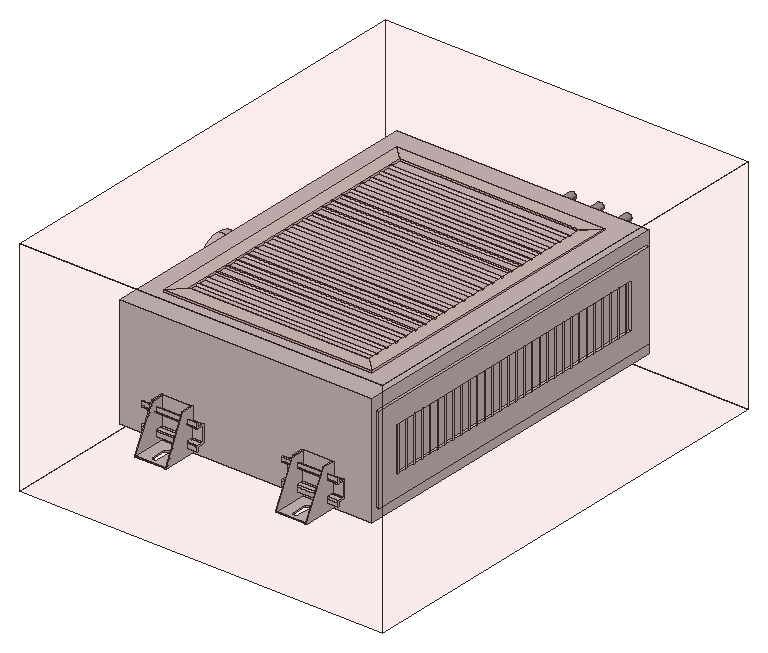
Revit family "York CB-ABB-YK - Horizontal Throw, Bulkhead Mounted Active Chilled Beam,Face Base, Revit 2015 R1.0", category Mechanical Equipment, host Face, Revit 2015 (continued)
Definition of nested family "Grille Plate"
  Forms (in)
    Extrusion 16, solid, material <- "Material", visible <- "Linear Bar Grille"
      sketch origin (0, 3.76103, 0) x (0, 1, 0) y (0, 0, 1)
        loop
          line (3.25, 0.125) -> (3.25, 0) -> (3.5, 0) -> (3.5, 0.125) -> (3.25, 0.125)
      from -6.5 to 6.5
    Extrusion 17, solid, material <- "Material", visible <- "Linear Bar Grille"
      sketch origin (0, 2.02207, 0) x (0, 1, 0) y (0, 0, 1)
        loop
          line (3.25, 0.125) -> (3.25, 0) -> (3.5, 0) -> (3.5, 0.125) -> (3.25, 0.125)
      from -6.5 to 6.5
    Extrusion 18, solid, material <- "Material", visible <- "Linear Bar Grille"
      sketch origin (0, 0.2831, 0) x (0, 1, 0) y (0, 0, 1)
        loop
          line (3.25, 0.125) -> (3.25, 0) -> (3.5, 0) -> (3.5, 0.125) -> (3.25, 0.125)
      from -6.5 to 6.5
    Extrusion 19, solid, material <- "Material", visible <- "Louvered Grille"
      sketch origin (0, 3.46543, -0.375) x (0, 1, 0) y (0, 0, 1)
        loop
          line (-8.875, 0.375) -> (-8.8125, 0.375) -> (-8.6875, 0.5) -> (-8.75, 0.5) -> (-8.875, 0.375)
      from -6.5 to 6.5
    Extrusion 20, solid, material <- "Material", visible <- "Louvered Grille"
      sketch origin (0, 4.33179, -0.375) x (0, 1, 0) y (0, 0, 1)
        loop
          line (-8.875, 0.375) -> (-8.8125, 0.375) -> (-8.6875, 0.5) -> (-8.75, 0.5) -> (-8.875, 0.375)
      from -6.5 to 6.5
    Extrusion 21, solid, material <- "Material", visible <- "Louvered Grille"
      sketch origin (0, 5.19815, -0.375) x (0, 1, 0) y (0, 0, 1)
        loop
          line (-8.875, 0.375) -> (-8.8125, 0.375) -> (-8.6875, 0.5) -> (-8.75, 0.5) -> (-8.875, 0.375)
      from -6.5 to 6.5
    Extrusion 22, solid, material <- "Material", visible <- "Louvered Grille"
      sketch origin (0, 6.06451, -0.375) x (0, 1, 0) y (0, 0, 1)
        loop
          line (-8.875, 0.375) -> (-8.8125, 0.375) -> (-8.6875, 0.5) -> (-8.75, 0.5) -> (-8.875, 0.375)
      from -6.5 to 6.5
    Extrusion 23, solid, material <- "Material", visible <- "Louvered Grille"
      sketch origin (0, 6.93087, -0.375) x (0, 1, 0) y (0, 0, 1)
        loop
          line (-8.875, 0.375) -> (-8.8125, 0.375) -> (-8.6875, 0.5) -> (-8.75, 0.5) -> (-8.875, 0.375)
      from -6.5 to 6.5
    Extrusion 24, solid, material <- "Material", visible <- "Linear Bar Grille"
      sketch origin (0, -1.45587, 0) x (0, 1, 0) y (0, 0, 1)
        loop
          line (3.25, 0.125) -> (3.25, 0) -> (3.5, 0) -> (3.5, 0.125) -> (3.25, 0.125)
      from -6.5 to 6.5
    Extrusion 25, solid, material <- "Material", visible <- "Linear Bar Grille"
      sketch origin (0, -3.19483, 0) x (0, 1, 0) y (0, 0, 1)
        loop
          line (3.25, 0.125) -> (3.25, 0) -> (3.5, 0) -> (3.5, 0.125) -> (3.25, 0.125)
      from -6.5 to 6.5
    Extrusion 26, solid, material <- "Material", visible <- "Linear Bar Grille"
      sketch origin (0, -4.9338, 0) x (0, 1, 0) y (0, 0, 1)
        loop
          line (3.25, 0.125) -> (3.25, 0) -> (3.5, 0) -> (3.5, 0.125) -> (3.25, 0.125)
      from -6.5 to 6.5
    Extrusion 27, solid, material <- "Material", visible <- "Linear Bar Grille"
      sketch origin (0, -6.67277, 0) x (0, 1, 0) y (0, 0, 1)
        loop
          line (3.25, 0.125) -> (3.25, 0) -> (3.5, 0) -> (3.5, 0.125) -> (3.25, 0.125)
      from -6.5 to 6.5
    Extrusion 28, solid, material <- "Material", visible <- "Linear Bar Grille"
      sketch origin (0, -8.41174, 0) x (0, 1, 0) y (0, 0, 1)
        loop
          line (3.25, 0.125) -> (3.25, 0) -> (3.5, 0) -> (3.5, 0.125) -> (3.25, 0.125)
      from -6.5 to 6.5
    Extrusion 29, solid, material <- "Material", visible <- "Louvered Grille"
      sketch origin (0, 7.79723, -0.375) x (0, 1, 0) y (0, 0, 1)
        loop
          line (-8.875, 0.375) -> (-8.8125, 0.375) -> (-8.6875, 0.5) -> (-8.75, 0.5) -> (-8.875, 0.375)
      from -6.5 to 6.5
    Extrusion 30, solid, material <- "Material", visible <- "Linear Bar Grille"
      sketch origin (0, -10.1507, 0) x (0, 1, 0) y (0, 0, 1)
        loop
          line (3.25, 0.125) -> (3.25, 0) -> (3.5, 0) -> (3.5, 0.125) -> (3.25, 0.125)
      from -6.5 to 6.5
    Extrusion 31, solid, material <- "Material", visible <- "Louvered Grille"
      sketch origin (0, 8.66358, -0.375) x (0, 1, 0) y (0, 0, 1)
        loop
          line (-8.875, 0.375) -> (-8.8125, 0.375) -> (-8.6875, 0.5) -> (-8.75, 0.5) -> (-8.875, 0.375)
      from -6.5 to 6.5
    Extrusion 32, solid, material <- "Material", visible <- "Louvered Grille"
      sketch origin (0, 9.52994, -0.375) x (0, 1, 0) y (0, 0, 1)
        loop
          line (-8.875, 0.375) -> (-8.8125, 0.375) -> (-8.6875, 0.5) -> (-8.75, 0.5) -> (-8.875, 0.375)
      from -6.5 to 6.5
    Extrusion 33, solid, material <- "Material", visible <- "Return Grille Type"
      sketch origin (0, 0, 0) x (1, 0, 0) y (0, 1, 0)
        loop
          line (-7.5, 10.5) -> (-6.5, 9.5) -> (6.5, 9.5) -> (7.5, 10.5) -> (-7.5, 10.5)
        loop
          line (-7.5, -10.5) -> (7.5, -10.5) -> (6.5, -9.5) -> (-6.5, -9.5) -> (-7.5, -10.5)
      from 0 to 0.125
    Extrusion 34, solid, material <- "Material", visible <- "Louvered Grille"
      sketch origin (0, 10.3963, -0.375) x (0, 1, 0) y (0, 0, 1)
        loop
          line (-8.875, 0.375) -> (-8.8125, 0.375) -> (-8.6875, 0.5) -> (-8.75, 0.5) -> (-8.875, 0.375)
      from -6.5 to 6.5
    Extrusion 35, solid, material <- "Material", visible <- "Louvered Grille"
      sketch origin (0, 11.26266, -0.375) x (0, 1, 0) y (0, 0, 1)
        loop
          line (-8.875, 0.375) -> (-8.8125, 0.375) -> (-8.6875, 0.5) -> (-8.75, 0.5) -> (-8.875, 0.375)
      from -6.5 to 6.5
    Extrusion 36, solid, material <- "Material", visible <- "Louvered Grille"
      sketch origin (0, 12.12902, -0.375) x (0, 1, 0) y (0, 0, 1)
        loop
          line (-8.875, 0.375) -> (-8.8125, 0.375) -> (-8.6875, 0.5) -> (-8.75, 0.5) -> (-8.875, 0.375)
      from -6.5 to 6.5
    Extrusion 37, solid, material <- "Material", visible <- "Louvered Grille"
      sketch origin (0, 12.99538, -0.375) x (0, 1, 0) y (0, 0, 1)
        loop
          line (-8.875, 0.375) -> (-8.8125, 0.375) -> (-8.6875, 0.5) -> (-8.75, 0.5) -> (-8.875, 0.375)
      from -6.5 to 6.5
    Extrusion 38, solid, material <- "Material", visible <- "Louvered Grille"
      sketch origin (0, 13.86174, -0.375) x (0, 1, 0) y (0, 0, 1)
        loop
          line (-8.875, 0.375) -> (-8.8125, 0.375) -> (-8.6875, 0.5) -> (-8.75, 0.5) -> (-8.875, 0.375)
      from -6.5 to 6.5
    Extrusion 39, solid, material <- "Material", visible <- "Louvered Grille"
      sketch origin (0, 14.72809, -0.375) x (0, 1, 0) y (0, 0, 1)
        loop
          line (-8.875, 0.375) -> (-8.8125, 0.375) -> (-8.6875, 0.5) -> (-8.75, 0.5) -> (-8.875, 0.375)
      from -6.5 to 6.5
    Extrusion 40, solid, material <- "Material", visible <- "Louvered Grille"
      sketch origin (0, 15.59445, -0.375) x (0, 1, 0) y (0, 0, 1)
        loop
          line (-8.875, 0.375) -> (-8.8125, 0.375) -> (-8.6875, 0.5) -> (-8.75, 0.5) -> (-8.875, 0.375)
      from -6.5 to 6.5
    Extrusion 41, solid, material <- "Material", visible <- "Louvered Grille"
      sketch origin (0, 16.46081, -0.375) x (0, 1, 0) y (0, 0, 1)
        loop
          line (-8.875, 0.375) -> (-8.8125, 0.375) -> (-8.6875, 0.5) -> (-8.75, 0.5) -> (-8.875, 0.375)
      from -6.5 to 6.5
  Dimensions and locks (in)
    equal spacing: plane 6, plane 1 "Center (Front/Back)", plane 7
    equal spacing: plane 4, plane 3 "Center (Left/Right)", plane 5
    locked: plane 4 to plane 5 at 15
    "B": plane 6 to plane 7
    locked: Extrusion 1 sketch curve to Extrusion 1 sketch curve at 1  (x4)
    "X distance": plane 11 to Extrusion 2 sketch curve
    "W": Extrusion 2 sketch curve to Extrusion 2 sketch curve
    "X distance": plane 14 to Extrusion 3 sketch curve
    "W": Extrusion 3 sketch curve to Extrusion 3 sketch curve
    equal spacing: group 1, group 3, group 4, group 5, group 6, group 7, group 2  (x3)
    "X distance": Extrusion 3 to plane 5
    Extrusion 3 to Extrusion 3 = 1/4"
    "X distance": plane 17 to Extrusion 4 sketch curve
    "W": Extrusion 4 sketch curve to Extrusion 4 sketch curve
    "X distance": plane 20 to Extrusion 5 sketch curve
    "W": Extrusion 5 sketch curve to Extrusion 5 sketch curve
    "X distance": plane 23 to Extrusion 6 sketch curve
    "W": Extrusion 6 sketch curve to Extrusion 6 sketch curve
    "X distance": plane 26 to Extrusion 7 sketch curve
    "W": Extrusion 7 sketch curve to Extrusion 7 sketch curve
    "X distance": plane 29 to Extrusion 8 sketch curve
    "W": Extrusion 8 sketch curve to Extrusion 8 sketch curve
    "B1": plane 10 to plane 9
    "B1": plane 13 to plane 12
    "B1": plane 16 to plane 15
    "B1": plane 19 to plane 18
    "B1": plane 22 to plane 21
    "B1": plane 25 to plane 24
    "B1": plane 28 to plane 27
    plane 30 to Extrusion 9 sketch curve = 1 5/8"
    locked: Extrusion 9 sketch curve to Extrusion 9 sketch curve at 0.0625  (x2)
    plane 31 to Extrusion 10 sketch curve = 1 5/8"
    locked: Extrusion 10 sketch curve to Extrusion 10 sketch curve at 0.0625  (x2)
    equal spacing: group 8, group 10, group 11, group 12, group 18, group 19, group 20, group 21, group 22, group 28, group 30, group 31, group 32, group 33, group 34, group 35, group 36, group 37, group 38, group 39, group 9  (x3)
    "X distance": plane 6 to Extrusion 10
    plane 32 to Extrusion 11 sketch curve = 1 5/8"
    locked: Extrusion 11 sketch curve to Extrusion 11 sketch curve at 0.0625  (x2)
    plane 33 to Extrusion 12 sketch curve = 1 5/8"
    locked: Extrusion 12 sketch curve to Extrusion 12 sketch curve at 0.0625  (x2)
    plane 34 to Extrusion 13 sketch curve = 1 5/8"
    locked: Extrusion 13 sketch curve to Extrusion 13 sketch curve at 0.0625  (x2)
    "W": Extrusion 14 sketch curve to Extrusion 14 sketch curve
    locked: Extrusion 14 sketch curve to plane 35 at 1.5
    "W": Extrusion 15 sketch curve to Extrusion 15 sketch curve
    locked: Extrusion 15 sketch curve to plane 36 at 1.5
    equal spacing: group 13, group 15, group 16, group 17, group 23, group 24, group 25, group 26, group 27, group 29, group 14  (x2)
    equal spacing: group 14, group 29, group 27, group 26, group 25, group 24, group 23, group 17, group 16, group 15, group 13
    "X distance": Extrusion 15 to plane 7
    "W": Extrusion 16 sketch curve to Extrusion 16 sketch curve
    locked: Extrusion 16 sketch curve to plane 37 at 1.5
    "W": Extrusion 17 sketch curve to Extrusion 17 sketch curve
    locked: Extrusion 17 sketch curve to plane 38 at 1.5
    "W": Extrusion 18 sketch curve to Extrusion 18 sketch curve
    locked: Extrusion 18 sketch curve to plane 39 at 1.5
    plane 40 to Extrusion 19 sketch curve = 1 5/8"
    locked: Extrusion 19 sketch curve to Extrusion 19 sketch curve at 0.0625  (x2)
    plane 41 to Extrusion 20 sketch curve = 1 5/8"
    locked: Extrusion 20 sketch curve to Extrusion 20 sketch curve at 0.0625  (x2)
    plane 42 to Extrusion 21 sketch curve = 1 5/8"
    locked: Extrusion 21 sketch curve to Extrusion 21 sketch curve at 0.0625  (x2)
    plane 43 to Extrusion 22 sketch curve = 1 5/8"
    locked: Extrusion 22 sketch curve to Extrusion 22 sketch curve at 0.0625  (x2)
    plane 44 to Extrusion 23 sketch curve = 1 5/8"
    locked: Extrusion 23 sketch curve to Extrusion 23 sketch curve at 0.0625  (x2)
    "W": Extrusion 24 sketch curve to Extrusion 24 sketch curve
    locked: Extrusion 24 sketch curve to plane 45 at 1.5
    "W": Extrusion 25 sketch curve to Extrusion 25 sketch curve
    locked: Extrusion 25 sketch curve to plane 46 at 1.5
    "W": Extrusion 26 sketch curve to Extrusion 26 sketch curve
    locked: Extrusion 26 sketch curve to plane 47 at 1.5
    "W": Extrusion 27 sketch curve to Extrusion 27 sketch curve
    locked: Extrusion 27 sketch curve to plane 48 at 1.5
    "W": Extrusion 28 sketch curve to Extrusion 28 sketch curve
    locked: Extrusion 28 sketch curve to plane 49 at 1.5
    plane 50 to Extrusion 29 sketch curve = 1 5/8"
    locked: Extrusion 29 sketch curve to Extrusion 29 sketch curve at 0.0625  (x2)
    "W": Extrusion 30 sketch curve to Extrusion 30 sketch curve
    locked: Extrusion 30 sketch curve to plane 51 at 1.5
    plane 52 to Extrusion 31 sketch curve = 1 5/8"
    locked: Extrusion 31 sketch curve to Extrusion 31 sketch curve at 0.0625  (x2)
    plane 53 to Extrusion 32 sketch curve = 1 5/8"
    locked: Extrusion 32 sketch curve to Extrusion 32 sketch curve at 0.0625  (x2)
    plane 54 to Extrusion 34 sketch curve = 1 5/8"
    locked: Extrusion 34 sketch curve to Extrusion 34 sketch curve at 0.0625  (x2)
    plane 55 to Extrusion 35 sketch curve = 1 5/8"
    locked: Extrusion 35 sketch curve to Extrusion 35 sketch curve at 0.0625  (x2)
    plane 56 to Extrusion 36 sketch curve = 1 5/8"
    locked: Extrusion 36 sketch curve to Extrusion 36 sketch curve at 0.0625  (x2)
    plane 57 to Extrusion 37 sketch curve = 1 5/8"
    locked: Extrusion 37 sketch curve to Extrusion 37 sketch curve at 0.0625  (x2)
    plane 58 to Extrusion 38 sketch curve = 1 5/8"
    locked: Extrusion 38 sketch curve to Extrusion 38 sketch curve at 0.0625  (x2)
    plane 59 to Extrusion 39 sketch curve = 1 5/8"
    locked: Extrusion 39 sketch curve to Extrusion 39 sketch curve at 0.0625  (x2)
    plane 60 to Extrusion 40 sketch curve = 1 5/8"
    locked: Extrusion 40 sketch curve to Extrusion 40 sketch curve at 0.0625  (x2)
    plane 61 to Extrusion 41 sketch curve = 1 5/8"
    locked: Extrusion 41 sketch curve to Extrusion 41 sketch curve at 0.0625  (x2)
    aligned and locked: plane 2 to level
    aligned and locked: plane 4 to Extrusion 1 sketch curve
    aligned and locked: Extrusion 1 sketch curve to plane 5
    aligned and locked: Extrusion 1 to plane 2
    aligned and locked: plane 8 to Extrusion 1
    aligned and locked: Extrusion 1 to plane 7
    aligned and locked: Extrusion 1 to plane 9
    aligned and locked: Extrusion 2 sketch curve to plane 10
    aligned and locked: plane 9 to Extrusion 2 sketch curve
    aligned and locked: Extrusion 1 to Extrusion 2
    aligned and locked: plane 4 to plane 11
    aligned and locked: Extrusion 3 sketch curve to plane 13
    aligned and locked: plane 12 to Extrusion 3 sketch curve
    aligned and locked: Extrusion 3 to Extrusion 1
    aligned and locked: Extrusion 4 sketch curve to plane 16
    aligned and locked: plane 15 to Extrusion 4 sketch curve
    aligned and locked: Extrusion 5 sketch curve to plane 19
    aligned and locked: plane 18 to Extrusion 5 sketch curve
    aligned and locked: Extrusion 6 sketch curve to plane 22
    aligned and locked: plane 21 to Extrusion 6 sketch curve
    aligned and locked: Extrusion 7 sketch curve to plane 25
    aligned and locked: plane 24 to Extrusion 7 sketch curve
    aligned and locked: Extrusion 8 sketch curve to plane 28
    aligned and locked: plane 27 to Extrusion 8 sketch curve
    aligned and locked: plane 6 to Extrusion 1
    aligned and locked: Extrusion 1 sketch curve to plane 6
    aligned and locked: Extrusion 9 to Extrusion 1  (x2)
    aligned and locked: plane 7 to plane 30
    aligned and locked: Extrusion 10 to Extrusion 1  (x2)
    aligned and locked: plane 6 to plane 35
    aligned and locked: Extrusion 14 to Extrusion 1  (x2)
    aligned and locked: Extrusion 33 sketch curve to Extrusion 1  (x5)
    aligned and locked: Extrusion 33 sketch curve to plane 7
    aligned and locked: plane 4 to Extrusion 33 sketch curve  (x2)
    aligned and locked: plane 5 to Extrusion 33 sketch curve  (x2)
    aligned and locked: Extrusion 1 to Extrusion 33 sketch curve  (x2)
    aligned and locked: Extrusion 33 to Extrusion 1
    aligned and locked: plane 8 to Extrusion 33
    aligned and locked: plane 8 to Extrusion 9
    aligned and locked: plane 8 to Extrusion 2
    aligned and locked: plane 8 to Extrusion 4
    aligned and locked: Extrusion 1 to Extrusion 15
    aligned and locked: plane 8 to Extrusion 10
    aligned and locked: Extrusion 2 to plane 2
  Automatic sketch dimensions
    Extrusion 1 sketch curve to plane 7 = 0"
    Extrusion 14 sketch curve to Extrusion 14 sketch curve = 1/8"
    Extrusion 15 sketch curve to Extrusion 15 sketch curve = 1/8"
    Extrusion 16 sketch curve to Extrusion 16 sketch curve = 1/8"
    Extrusion 17 sketch curve to Extrusion 17 sketch curve = 1/8"
    Extrusion 18 sketch curve to Extrusion 18 sketch curve = 1/8"
    Extrusion 24 sketch curve to Extrusion 24 sketch curve = 1/8"
    Extrusion 25 sketch curve to Extrusion 25 sketch curve = 1/8"
    Extrusion 26 sketch curve to Extrusion 26 sketch curve = 1/8"
    Extrusion 27 sketch curve to Extrusion 27 sketch curve = 1/8"
    Extrusion 28 sketch curve to Extrusion 28 sketch curve = 1/8"
    Extrusion 30 sketch curve to Extrusion 30 sketch curve = 1/8"
    Extrusion 9 sketch curve to Extrusion 9 sketch curve = 1/16"
    Extrusion 9 sketch curve to Extrusion 9 sketch curve = 1/8"
    Extrusion 10 sketch curve to Extrusion 10 sketch curve = 1/16"
    Extrusion 10 sketch curve to Extrusion 10 sketch curve = 1/8"
    Extrusion 11 sketch curve to Extrusion 11 sketch curve = 1/16"
    Extrusion 11 sketch curve to Extrusion 11 sketch curve = 1/8"
    Extrusion 12 sketch curve to Extrusion 12 sketch curve = 1/16"
    Extrusion 12 sketch curve to Extrusion 12 sketch curve = 1/8"
    Extrusion 13 sketch curve to Extrusion 13 sketch curve = 1/16"
    Extrusion 13 sketch curve to Extrusion 13 sketch curve = 1/8"
    Extrusion 19 sketch curve to Extrusion 19 sketch curve = 1/16"
    Extrusion 19 sketch curve to Extrusion 19 sketch curve = 1/8"
    Extrusion 20 sketch curve to Extrusion 20 sketch curve = 1/16"
    Extrusion 20 sketch curve to Extrusion 20 sketch curve = 1/8"
    Extrusion 21 sketch curve to Extrusion 21 sketch curve = 1/16"
    Extrusion 21 sketch curve to Extrusion 21 sketch curve = 1/8"
    Extrusion 22 sketch curve to Extrusion 22 sketch curve = 1/16"
    Extrusion 22 sketch curve to Extrusion 22 sketch curve = 1/8"
    Extrusion 23 sketch curve to Extrusion 23 sketch curve = 1/16"
    Extrusion 23 sketch curve to Extrusion 23 sketch curve = 1/8"
    Extrusion 29 sketch curve to Extrusion 29 sketch curve = 1/16"
    Extrusion 29 sketch curve to Extrusion 29 sketch curve = 1/8"
    Extrusion 31 sketch curve to Extrusion 31 sketch curve = 1/16"
    Extrusion 31 sketch curve to Extrusion 31 sketch curve = 1/8"
    Extrusion 32 sketch curve to Extrusion 32 sketch curve = 1/16"
    Extrusion 32 sketch curve to Extrusion 32 sketch curve = 1/8"
    Extrusion 34 sketch curve to Extrusion 34 sketch curve = 1/16"
    Extrusion 34 sketch curve to Extrusion 34 sketch curve = 1/8"
    Extrusion 35 sketch curve to Extrusion 35 sketch curve = 1/16"
    Extrusion 35 sketch curve to Extrusion 35 sketch curve = 1/8"
    Extrusion 36 sketch curve to Extrusion 36 sketch curve = 1/16"
    Extrusion 36 sketch curve to Extrusion 36 sketch curve = 1/8"
    Extrusion 37 sketch curve to Extrusion 37 sketch curve = 1/16"
    Extrusion 37 sketch curve to Extrusion 37 sketch curve = 1/8"
    Extrusion 38 sketch curve to Extrusion 38 sketch curve = 1/16"
    Extrusion 38 sketch curve to Extrusion 38 sketch curve = 1/8"
    Extrusion 39 sketch curve to Extrusion 39 sketch curve = 1/16"
    Extrusion 39 sketch curve to Extrusion 39 sketch curve = 1/8"
    Extrusion 40 sketch curve to Extrusion 40 sketch curve = 1/16"
    Extrusion 40 sketch curve to Extrusion 40 sketch curve = 1/8"
    Extrusion 41 sketch curve to Extrusion 41 sketch curve = 1/16"
    Extrusion 41 sketch curve to Extrusion 41 sketch curve = 1/8"
Definition of nested family "Pipe Rotation"
  Parameters (values of type "Pipe Rotation")
    X5 [instance] = 4"
    X3 [instance] = 0"
    X2 [instance] = 0"
    X1 [instance] = 4"
    Pipe R [instance] = 1/4"
    Pipe L [instance] = 2.40734"
    Material [instance] = none
    Length Of Pipe [instance] = 37.13473"
    Default Elevation = 48"
    Angle [instance] = 180.00°
    2 Pipe LHC = yes
  Reference planes (in)
    plane 1 "Center (Front/Back)": y = 0
    plane 2: z = 0
    plane 3 "Center (Left/Right)": x = 0
    plane 4: x = 37.13473
    plane 5: y = 0
    plane 6: y = -4
    plane 7: y = -4
    plane 8: y = -4
    plane 9: x = -37.13473
    plane 10: z = 0.83955
  Forms (in)
    Revolve 1, solid, material <- "Material"
      sketch origin (0, -4, 0) x (1, 0, 0) y (0, 1, 0)
        loop
          line (37.13473, 0) -> (34.72739, 0) -> (34.72739, -0.25) -> (37.13473, -0.25) -> (37.13473, 0)
        axis (37.13473, 0) -> (34.72739, 0)
      angle from 0 to 360
    Revolve 2, solid, material <- "Material"
      sketch origin (0, -4, 0) x (1, 0, 0) y (0, 1, 0)
        loop
          line (37.13473, 0) -> (34.72739, 0) -> (34.72739, -0.25) -> (37.13473, -0.25) -> (37.13473, 0)
        axis (34.72739, 0) -> (37.13473, 0)
      angle from 0 to 360
    Revolve 3, solid, material <- "Material"
      sketch origin (0, -4, 0) x (1, 0, 0) y (0, 1, 0)
        loop
          line (37.13473, 0) -> (37.13473, 0.25) -> (34.72739, 0.25) -> (34.72739, 0) -> (37.13473, 0)
        axis (34.72739, 0) -> (37.13473, 0)
      angle from 0 to 360
    Revolve 4, solid, material <- "Material"
      sketch origin (0, 0, 0) x (1, 0, 0) y (0, 0, 1)
        loop
          line (37.13473, 0.83955) -> (37.13473, 1.08955) -> (34.72739, 1.08955) -> (34.72739, 0.83955) -> (37.13473, 0.83955)
        axis (34.72739, 0.83955) -> (37.13473, 0.83955)
      angle from 0 to 360
  Lines and regions (in)
    reference lines
      curve 1: line (0, -4, 0) -> (37.13473, -4, 0)
      curve 2: line (0, -4, 0) -> (37.13473, -4, 0)
      curve 3: line (0, -4, 0) -> (37.13473, -4, 0)
      curve 4: line (0, 0, 0) -> (37.13473, 0, 0)
  Dimensions and locks (in)
    "Length Of Pipe": curve 1 to curve 1
    "Length Of Pipe": curve 2 to curve 2
    "Length Of Pipe": curve 3 to curve 3
    "Pipe R": Revolve 1 sketch curve to Revolve 1 sketch curve
    "Pipe L": Revolve 1 sketch curve to Revolve 1 sketch curve
    "Pipe L": Revolve 2 sketch curve to Revolve 2 sketch curve
    "Pipe R": Revolve 2 sketch curve to plane 8
    "Pipe R": Revolve 3 sketch curve to Revolve 3 sketch curve
    "Pipe L": Revolve 3 sketch curve to Revolve 3 sketch curve
    equal spacing: plane 9, plane 3 "Center (Left/Right)", plane 4
    "Length Of Pipe": plane 3 "Center (Left/Right)" to plane 4
    "Pipe L": Revolve 4 sketch curve to Revolve 4 sketch curve
    "Pipe R": Revolve 4 sketch curve to Revolve 4 sketch curve
    locked: plane 10 to plane 2 at 0.83955
    "Length Of Pipe": curve 4 to curve 4
    "X5": plane 1 "Center (Front/Back)" to plane 6
    "X1": plane 5 to plane 6
    "X2": plane 7 to plane 6
    "X3": plane 8 to plane 6
    "Angle": angle curve 1 to plane 7
    "Angle": angle curve 2 to plane 8
    "Angle": angle curve 3 to plane 6
    "Angle": angle curve 4 to plane 5
    aligned and locked: plane 2 to level
    aligned and locked: plane 7 to curve 1
    aligned and locked: plane 3 "Center (Left/Right)" to curve 1
    aligned and locked: plane 8 to curve 2
    aligned and locked: plane 6 to curve 3
    aligned and locked: plane 3 "Center (Left/Right)" to curve 3
    aligned and locked: plane 3 "Center (Left/Right)" to curve 2
    aligned and locked: Revolve 1 sketch curve to curve 1
    aligned and locked: Revolve 1 sketch curve to Revolve 1 sketch curve
    aligned and locked: Revolve 2 sketch curve to plane 8
    aligned and locked: Revolve 1 to curve 1
    aligned and locked: Revolve 2 to curve 2
    aligned and locked: plane 6 to Revolve 3 sketch curve
    aligned and locked: curve 3 to Revolve 3  (x2)
    aligned and locked: curve 2 to Revolve 2
    aligned and locked: curve 1 to Revolve 1
    aligned and locked: Revolve 4 sketch curve to Revolve 4 sketch curve  (x2)
    aligned and locked: Revolve 4 to Revolve 1
    aligned and locked: plane 5 to curve 4
    aligned and locked: plane 3 "Center (Left/Right)" to curve 4
  Automatic sketch dimensions
    Revolve 1 sketch curve to curve 1 = 0"  (x2)
    Revolve 1 sketch curve to curve 1 = 95.89917"
    curve 2 to Revolve 2 sketch curve = 0"
    Revolve 2 sketch curve to curve 2 = 0"  (x2)
    Revolve 2 sketch curve to curve 2 = 3.89917"
    Revolve 3 sketch curve to curve 3 = 0"  (x2)
    curve 3 to Revolve 3 sketch curve = 0"
    Revolve 3 sketch curve to curve 3 = 76.89917"
    Revolve 4 sketch curve to curve 4 = 0"
    curve 4 to Revolve 4 sketch curve = 0.83955"
    curve 4 to Revolve 4 sketch curve = 5.52787"
Definition of nested family "Mounting Bracket 2"
  Parameters (values of type "Bracket 4")
    Visibility [instance] = yes
    Thk. = 1/16"  # constant formula
    Support Height [instance] = 3"  # constant formula
    Material = none
    Hole Dia = 3/8"  # constant formula
    C.D. = 1"  # constant formula
    Bracket Lenght [instance] = 4"
    Adustable Bracket Distance [instance] = 1"
  Types (4): name
    Bracket 1
    Bracket 2
    Bracket 3
    Bracket 4
  Reference planes (in)
    plane 1 "Center (Front/Back)": y = 0
    plane 2: z = 0
    plane 3 "Center (Left/Right)": x = 0
    plane 4: y = 4
    plane 5: y = 1
    plane 6: z = -3
    plane 7: z = -1.5
    plane 8: x = 0.59375
    plane 9: x = 0.90625
    plane 10: z = -2.0625
    plane 11: z = -0.9375
    plane 12: z = -2.4375
    plane 13: z = -0.5625
    plane 14: x = 2.5
    plane 15: x = -0.40625
    plane 16: x = 0.90625
    plane 17: y = 2.125
    plane 18: x = 1.46875
    plane 19: x = 1.96875
  Forms (in)
    Extrusion 1, solid, material <- "Material", visible <- "Visibility"
      sketch origin (0, 0, 0) x (1, 0, 0) y (0, 0, 1)
        loop
          line (0.59375, -2.4375) -> (0.59375, -2.125)
          arc (0.59375, -2.125) -> (0.57544, -2.08081) -> (0.53125, -2.0625) r 0.0625
          line (0.53125, -2.0625) -> (0.125, -2.0625)
          arc (0.125, -2.0625) -> (0.08081, -2.04419) -> (0.0625, -2) r 0.0625
          line (0.0625, -2) -> (0.0625, -1)
          arc (0.0625, -1) -> (0.08081, -0.95581) -> (0.125, -0.9375) r 0.0625
          line (0.125, -0.9375) -> (0.53125, -0.9375)
          arc (0.53125, -0.9375) -> (0.57544, -0.91919) -> (0.59375, -0.875) r 0.0625
          line (0.59375, -0.875) -> (0.59375, -0.5625) -> (0.53125, -0.5625) -> (0.53125, -0.8125)
          arc (0.53125, -0.8125) -> (0.51294, -0.85669) -> (0.46875, -0.875) r 0.0625
          line (0.46875, -0.875) -> (0.0625, -0.875)
          arc (0.0625, -0.875) -> (0.01831, -0.89331) -> (0, -0.9375) r 0.0625
          line (0, -0.9375) -> (0, -2.0625)
          arc (0, -2.0625) -> (0.01831, -2.10669) -> (0.0625, -2.125) r 0.0625
          line (0.0625, -2.125) -> (0.46875, -2.125)
          arc (0.46875, -2.125) -> (0.51294, -2.14331) -> (0.53125, -2.1875) r 0.0625
          line (0.53125, -2.1875) -> (0.53125, -2.4375) -> (0.59375, -2.4375)
      from 0 to -4
    Extrusion 2, solid, material <- "Material", visible <- "Visibility"
      sketch origin (-2.92508, 1, -48) x (-1, 0, 0) y (0, 0, 1)
        loop
          line (-2.92508, 45) -> (-2.92508, 45.875) -> (-3.39383, 45.875) -> (-3.39383, 45.5625) -> (-3.51883, 45.5625) -> (-3.51883, 46) -> (-3.05008, 46) -> (-3.05008, 47) -> (-3.51883, 47) -> (-3.51883, 47.4375) -> (-3.39383, 47.4375) -> (-3.39383, 47.125) -> (-2.92508, 47.125) -> (-2.92508, 48) -> (-3.79988, 48)
          arc (-3.79988, 48) -> (-3.82674, 47.99247) -> (-3.84578, 47.97207) r 0.05168
          line (-3.84578, 47.97207) -> (-5.33626, 45.09182)
          arc (-5.33626, 45.09182) -> (-5.33463, 45.0303) -> (-5.28106, 45) r 0.0625
          line (-5.28106, 45) -> (-2.92508, 45)
      from 0 to 2.25
    Extrusion 3, void
      sketch origin (0, 0, 0) x (0, 1, 0) y (0, 0, 1)
        loop
          line (3.1875, -2.9375) -> (3.1875, -0.0625)
          arc (3.1875, -0.0625) -> (3.16919, -0.01831) -> (3.125, 0) r 0.0625
          line (3.125, 0) -> (1.125, 0)
          arc (1.125, 0) -> (1.08081, -0.01831) -> (1.0625, -0.0625) r 0.0625
          line (1.0625, -0.0625) -> (1.0625, -2.9375) -> (3.1875, -2.9375)
      from 0.0625 to 2.5
    Extrusion 4, void
      sketch origin (0, 0, -3) x (1, 0, 0) y (0, 1, 0)
        loop
          arc (0.96875, 2.3125) -> (0.78125, 2.125) -> (0.96875, 1.9375) r 0.1875
          line (0.96875, 1.9375) -> (1.96875, 1.9375)
          arc (1.96875, 1.9375) -> (2.15625, 2.125) -> (1.96875, 2.3125) r 0.1875
          line (1.96875, 2.3125) -> (0.96875, 2.3125)
      from 0.09182 to 0
  Cuts and joins
    Extrusion 3, Extrusion 4 cuts Extrusion 2
  Dimensions and locks (in)
    "Bracket Lenght": plane 4 to plane 1 "Center (Front/Back)"
    "Adustable Bracket Distance": plane 1 "Center (Front/Back)" to plane 5
    "Support Height": plane 6 to level
    equal spacing: plane 6, plane 7, level
    locked: plane 8 to plane 3 "Center (Left/Right)" at 0.59375
    locked: plane 9 to plane 3 "Center (Left/Right)" at 0.90625
    equal spacing: plane 10, plane 7, plane 11
    locked: plane 10 to plane 11 at 1.125
    locked: plane 12 to plane 10 at 0.375
    locked: plane 11 to plane 13 at 0.375
    "Thk.": plane 8 to Extrusion 1 sketch curve  (x2)
    "Thk.": Extrusion 1 sketch curve to plane 10
    "Thk.": Extrusion 1 sketch curve to plane 3 "Center (Left/Right)"
    "Thk.": plane 11 to Extrusion 1 sketch curve
    locked: plane 14 to plane 3 "Center (Left/Right)" at 2.5
    "Thk.": Extrusion 2 to Extrusion 3 sketch curve
    "Thk.": Extrusion 3 sketch curve to Extrusion 2
    plane 3 "Center (Left/Right)" to Extrusion 1 = 19/32"
    locked: cut or joined group of Extrusion 2, Extrusion 3, Extrusion 4 to plane 5 at 2.25
    "Thk.": plane 11 to Extrusion 2 sketch curve
    "Thk.": Extrusion 2 sketch curve to Extrusion 1
    locked: plane 15 to plane 3 "Center (Left/Right)" at 0.40625
    "Hole Dia": Extrusion 4 sketch curve to Extrusion 4 sketch curve
    equal spacing: Extrusion 4 sketch curve, plane 18, plane 19
    "C.D.": Extrusion 4 sketch curve to Extrusion 4 sketch curve
    locked: plane 8 to plane 19 at 1.375
    "Thk.": plane 6 to Extrusion 3 sketch curve
    "Thk.": Extrusion 2 sketch curve to plane 10
    locked: plane 14 to Extrusion 2 sketch curve (angle 27.3608°)
    aligned and locked: plane 2 to level
    aligned and locked: plane 3 "Center (Left/Right)" to Extrusion 1 sketch curve
    aligned and locked: Extrusion 1 sketch curve to plane 11
    aligned and locked: Extrusion 1 sketch curve to plane 10
    aligned and locked: plane 8 to Extrusion 1 sketch curve  (x2)
    aligned and locked: Extrusion 1 sketch curve to plane 13
    aligned and locked: Extrusion 1 sketch curve to plane 12
    aligned and locked: plane 4 to Extrusion 1
    aligned and locked: plane 1 "Center (Front/Back)" to Extrusion 1
    aligned and locked: Extrusion 2 to plane 5
    aligned and locked: plane 2 to Extrusion 2 sketch curve
    aligned and locked: plane 6 to Extrusion 2 sketch curve
    aligned and locked: plane 8 to Extrusion 2 sketch curve
    aligned and locked: Extrusion 2 sketch curve to plane 13
    aligned and locked: plane 12 to Extrusion 2 sketch curve
    aligned and locked: Extrusion 2 sketch curve to Extrusion 1  (x2)
    aligned and locked: Extrusion 2 sketch curve to Extrusion 2 sketch curve
    aligned and locked: plane 16 to plane 9
    aligned and locked: plane 17 to Extrusion 4 sketch curve
    aligned and locked: Extrusion 3 sketch curve to plane 2
    aligned and locked: Extrusion 4 to Extrusion 2
    aligned and locked: plane 6 to Extrusion 4
    aligned and locked: plane 3 "Center (Left/Right)" to Extrusion 2 sketch curve
  Automatic sketch dimensions
    Extrusion 1 sketch curve to plane 10 = 0"
    Extrusion 1 sketch curve to plane 11 = 0"
    Extrusion 1 sketch curve to Extrusion 1 sketch curve = 1/16"  (x4)
    plane 8 to Extrusion 1 sketch curve = 1/16"  (x2)
    Extrusion 2 sketch curve to plane 8 = 0"
    Extrusion 2 sketch curve to plane 9 = 0.03144"
    plane 9 to Extrusion 2 sketch curve = 0.01445"
    Extrusion 2 sketch curve to plane 6 = 1/16"
    Extrusion 2 sketch curve to plane 14 = 0.14401"
    Extrusion 2 sketch curve to Extrusion 2 sketch curve = 0.05519"
    Extrusion 2 sketch curve to plane 8 = 1/8"  (x2)
    Extrusion 2 sketch curve to Extrusion 2 sketch curve = 0"
    Extrusion 3 sketch curve to Extrusion 3 sketch curve = 1/16"  (x2)
Definition of nested family "Perforated Grille Plate"
  Parameters (values of type "Perforated Hole plate")
    Y Center Distance [instance] = 3/8"
    X/2 [instance] = X Center Distance / 2  # 3/16"
    Visibilty = yes
    Plate thk [instance] = 1/16"
    Plate W [instance] = 15"
    Y Distance [instance] = 1/2"
    X distance [instance] = 1/2"
    Plate Material [instance] = none
    Plate H [instance] = 12"
    Dia Of Hole [instance] = 3/16"
    X Center Distance [instance] = 3/8"
  Reference planes (in)
    plane 1 "Center (Front/Back)": y = 0
    plane 2: z = 0
    plane 3 "Center (Left/Right)": x = 0
    plane 4: x = -7
    plane 5: y = 5.5
    plane 6: x = -6.625
    plane 7: x = -6.25
    plane 8: y = 5.125
    plane 9: y = 4.75
    plane 10: y = 4.375
    plane 11: y = 6
    plane 12: y = -6
    plane 13: x = -7.5
    plane 14: x = 7.5
    plane 15: x = -5.875
    plane 16: x = -5.5
    plane 17: y = 4
    plane 18: x = -0.75
    plane 19: y = 0.75
    plane 20: x = -0.375
    plane 21: x = 0
    plane 22: y = 0.375
    plane 23: y = 0
    plane 24: y = -0.375
    plane 25: x = 0.375
    plane 26: x = 0.75
    plane 27: y = -0.75
    plane 28: x = -5.125
    plane 29: x = 1.125
    plane 30: x = -1.125
    plane 31: y = -4
    plane 32: y = -4.375
    plane 33: y = -4.75
    plane 34: y = -5.125
    plane 35: y = -5.5
    plane 36: x = 5.125
    plane 37: x = 5.5
    plane 38: x = 5.875
    plane 39: x = 6.25
    plane 40: x = 6.625
    plane 41: x = 7
    plane 42: x = -6.8125
    plane 43: x = -6.4375
    plane 44: x = -6.0625
    plane 45: x = -5.6875
    plane 46: x = -5.3125
    plane 47: x = 5.3125
    plane 48: x = 5.6875
    plane 49: x = 6.0625
    plane 50: x = 6.4375
    plane 51: x = 6.8125
    plane 52: x = -0.9375
    plane 53: x = -0.5625
    plane 54: x = -0.1875
    plane 55: x = 0.1875
    plane 56: x = 0.5625
    plane 57: x = 0.9375
  Forms (in)
    Extrusion 1, solid, material <- "Plate Material", visible <- "Visibilty"
      sketch origin (0, 0, 0) x (1, 0, 0) y (0, 1, 0)
        loop
          line (-7.5, 6) -> (-7.5, -6) -> (7.5, -6) -> (7.5, 6) -> (-7.5, 6)
      from 0 to 0.0625
    Extrusion 2, void
      sketch origin (0, 0, 0.0625) x (0, 1, 0) y (1, 0, 0)
        loop
          circle (5.5, -7) r 0.09375
      from 0 to 0.0625
    Extrusion 3, void
      sketch origin (0.625, 0, 0.0625) x (0, 1, 0) y (1, 0, 0)
        loop
          circle (5.5, -7.25) r 0.09375
      from 0 to 0.0625
    Extrusion 4, void
      sketch origin (1.25, 0, 0.0625) x (0, 1, 0) y (1, 0, 0)
        loop
          circle (5.5, -7.5) r 0.09375
      from 0 to 0.0625
    Extrusion 5, void
      sketch origin (0, -0.625, 0.0625) x (0, 1, 0) y (1, 0, 0)
        loop
          circle (5.75, -6.8125) r 0.09375
        loop
          circle (5.75, -6.4375) r 0.09375
        loop
          circle (5.75, -6.0625) r 0.09375
        loop
          circle (5.75, -5.6875) r 0.09375
        loop
          circle (5.75, -5.3125) r 0.09375
        loop
          circle (5, -6.8125) r 0.09375
        loop
          circle (5, -6.4375) r 0.09375
        loop
          circle (5, -6.0625) r 0.09375
        loop
          circle (5, -5.6875) r 0.09375
        loop
          circle (5, -5.3125) r 0.09375
        loop
          circle (5.75, 6.8125) r 0.09375
        loop
          circle (5.75, 6.4375) r 0.09375
        loop
          circle (5.75, 6.0625) r 0.09375
        loop
          circle (5.75, 5.6875) r 0.09375
        loop
          circle (5.75, 5.3125) r 0.09375
        loop
          circle (5, 6.8125) r 0.09375
        loop
          circle (5, 6.4375) r 0.09375
        loop
          circle (5, 6.0625) r 0.09375
        loop
          circle (5, 5.6875) r 0.09375
        loop
          circle (5, 5.3125) r 0.09375
        loop
          circle (-4.5, -6.8125) r 0.09375
        loop
          circle (-4.5, -6.4375) r 0.09375
        loop
          circle (-4.5, -6.0625) r 0.09375
        loop
          circle (-4.5, -5.6875) r 0.09375
        loop
          circle (-4.5, -5.3125) r 0.09375
        loop
          circle (-3.75, -6.8125) r 0.09375
        loop
          circle (-3.75, -6.4375) r 0.09375
        loop
          circle (-3.75, -6.0625) r 0.09375
        loop
          circle (-3.75, -5.6875) r 0.09375
        loop
          circle (-3.75, -5.3125) r 0.09375
        loop
          circle (-4.5, 6.8125) r 0.09375
        loop
          circle (-4.5, 6.4375) r 0.09375
        loop
          circle (-4.5, 6.0625) r 0.09375
        loop
          circle (-4.5, 5.6875) r 0.09375
        loop
          circle (-4.5, 5.3125) r 0.09375
        loop
          circle (-3.75, 6.8125) r 0.09375
        loop
          circle (-3.75, 6.4375) r 0.09375
        loop
          circle (-3.75, 6.0625) r 0.09375
        loop
          circle (-3.75, 5.6875) r 0.09375
        loop
          circle (-3.75, 5.3125) r 0.09375
      from 0 to 0.0625
    Extrusion 6, void
      sketch origin (0, -1.25, 0.0625) x (0, 1, 0) y (1, 0, 0)
        loop
          circle (6, -7) r 0.09375
      from 0 to 0.0625
    Extrusion 7, void
      sketch origin (0.625, -1.25, 0.0625) x (0, 1, 0) y (1, 0, 0)
        loop
          circle (6, -7.25) r 0.09375
      from 0 to 0.0625
    Extrusion 8, void
      sketch origin (1.25, -1.25, 0.0625) x (0, 1, 0) y (1, 0, 0)
        loop
          circle (6, -7.5) r 0.09375
      from 0 to 0.0625
    Extrusion 9, void
      sketch origin (1.375, 0, 0.0625) x (0, 1, 0) y (1, 0, 0)
        loop
          circle (5.5, -7.25) r 0.09375
      from 0 to 0.0625
    Extrusion 10, void
      sketch origin (2, 0, 0.0625) x (0, 1, 0) y (1, 0, 0)
        loop
          circle (5.5, -7.5) r 0.09375
      from 0 to 0.0625
    Extrusion 11, void
      sketch origin (1.375, -1.25, 0.0625) x (0, 1, 0) y (1, 0, 0)
        loop
          circle (6, -7.25) r 0.09375
      from 0 to 0.0625
    Extrusion 12, void
      sketch origin (2, -1.25, 0.0625) x (0, 1, 0) y (1, 0, 0)
        loop
          circle (6, -7.5) r 0.09375
      from 0 to 0.0625
    Extrusion 13, void
      sketch origin (0, -2, 0.0625) x (0, 1, 0) y (1, 0, 0)
        loop
          circle (6, -7) r 0.09375
      from 0 to 0.0625
    Extrusion 14, void
      sketch origin (0.625, -2, 0.0625) x (0, 1, 0) y (1, 0, 0)
        loop
          circle (6, -7.25) r 0.09375
      from 0 to 0.0625
    Extrusion 15, void
      sketch origin (1.25956, -1.92349, 0.0625) x (0, 1, 0) y (1, 0, 0)
        loop
          circle (5.92349, -7.50956) r 0.09375
      from 0 to 0.0625
    Extrusion 16, void
      sketch origin (1.375, -2, 0.0625) x (0, 1, 0) y (1, 0, 0)
        loop
          circle (6, -7.25) r 0.09375
      from 0 to 0.0625
    Extrusion 17, void
      sketch origin (2, -2, 0.0625) x (0, 1, 0) y (1, 0, 0)
        loop
          circle (6, -7.5) r 0.09375
      from 0 to 0.0625
    Extrusion 18, void
      sketch origin (10.875, -10.75, 0.0625) x (0, 1, 0) y (1, 0, 0)
        loop
          circle (11.5, -11.25) r 0.09375
      from 0 to 0.0625
    Extrusion 19, void
      sketch origin (11.5, -10.75, 0.0625) x (0, 1, 0) y (1, 0, 0)
        loop
          circle (11.5, -11.5) r 0.09375
      from 0 to 0.0625
    Extrusion 20, void
      sketch origin (10.375, -11.375, 0.0625) x (0, 1, 0) y (1, 0, 0)
        loop
          circle (11.75, -10.9375) r 0.09375
      from 0 to 0.0625
    Extrusion 21, void
      sketch origin (11, -11.375, 0.0625) x (0, 1, 0) y (1, 0, 0)
        loop
          circle (11.75, -11.1875) r 0.09375
      from 0 to 0.0625
    Extrusion 22, void
      sketch origin (11.625, -11.375, 0.0625) x (0, 1, 0) y (1, 0, 0)
        loop
          circle (11.75, -11.4375) r 0.09375
      from 0 to 0.0625
    Extrusion 23, void
      sketch origin (10.25, -12, 0.0625) x (0, 1, 0) y (1, 0, 0)
        loop
          circle (12, -11) r 0.09375
      from 0 to 0.0625
    Extrusion 24, void
      sketch origin (10.875, -12, 0.0625) x (0, 1, 0) y (1, 0, 0)
        loop
          circle (12, -11.25) r 0.09375
      from 0 to 0.0625
    Extrusion 25, void
      sketch origin (11.5, -12, 0.0625) x (0, 1, 0) y (1, 0, 0)
        loop
          circle (12, -11.5) r 0.09375
      from 0 to 0.0625
    Extrusion 26, void
      sketch origin (10.375, -12.625, 0.0625) x (0, 1, 0) y (1, 0, 0)
        loop
          circle (12.25, -10.9375) r 0.09375
      from 0 to 0.0625
    Extrusion 27, void
      sketch origin (11, -12.625, 0.0625) x (0, 1, 0) y (1, 0, 0)
        loop
          circle (12.25, -11.1875) r 0.09375
      from 0 to 0.0625
    Extrusion 28, void
      sketch origin (11.63281, -12.625, 0.0625) x (0, 1, 0) y (1, 0, 0)
        loop
          circle (12.25, -11.44531) r 0.09375
      from 0 to 0.0625
    Extrusion 29, void
      sketch origin (11.625, -10.75, 0.0625) x (0, 1, 0) y (1, 0, 0)
        loop
          circle (11.5, -11.25) r 0.09375
      from 0 to 0.0625
    Extrusion 30, void
      sketch origin (11.75, -11.375, 0.0625) x (0, 1, 0) y (1, 0, 0)
        loop
          circle (11.75, -11.1875) r 0.09375
      from 0 to 0.0625
    Extrusion 31, void
      sketch origin (11.625, -12, 0.0625) x (0, 1, 0) y (1, 0, 0)
        loop
          circle (12, -11.25) r 0.09375
      from 0 to 0.0625
    Extrusion 32, void
      sketch origin (12.25, -12, 0.0625) x (0, 1, 0) y (1, 0, 0)
        loop
          circle (12, -11.5) r 0.09375
      from 0 to 0.0625
    Extrusion 33, void
      sketch origin (11.75, -12.625, 0.0625) x (0, 1, 0) y (1, 0, 0)
        loop
          circle (12.25, -11.1875) r 0.09375
      from 0 to 0.0625
    Extrusion 34, void
      sketch origin (10.875, -12.75, 0.0625) x (0, 1, 0) y (1, 0, 0)
        loop
          circle (12, -11.25) r 0.09375
      from 0 to 0.0625
    Extrusion 35, void
      sketch origin (11.50956, -12.67349, 0.0625) x (0, 1, 0) y (1, 0, 0)
        loop
          circle (11.92349, -11.50956) r 0.09375
      from 0 to 0.0625
    Extrusion 36, void
      sketch origin (11.625, -12.75, 0.0625) x (0, 1, 0) y (1, 0, 0)
        loop
          circle (12, -11.25) r 0.09375
      from 0 to 0.0625
    Extrusion 37, void
      sketch origin (2.125, 0, 0.0625) x (0, 1, 0) y (1, 0, 0)
        loop
          circle (5.5, -7.25) r 0.09375
      from 0 to 0.0625
    Extrusion 38, void
      sketch origin (2.125, -1.25, 0.0625) x (0, 1, 0) y (1, 0, 0)
        loop
          circle (6, -7.25) r 0.09375
      from 0 to 0.0625
    Extrusion 39, void
      sketch origin (2.125, -2, 0.0625) x (0, 1, 0) y (1, 0, 0)
        loop
          circle (6, -7.25) r 0.09375
      from 0 to 0.0625
    Extrusion 40, void
      sketch origin (0, -21.5, 0.0625) x (0, 1, 0) y (1, 0, 0)
        loop
          circle (17.5, -7) r 0.09375
      from 0 to 0.0625
    Extrusion 41, void
      sketch origin (0.625, -21.5, 0.0625) x (0, 1, 0) y (1, 0, 0)
        loop
          circle (17.5, -7.25) r 0.09375
      from 0 to 0.0625
    Extrusion 42, void
      sketch origin (1.25, -21.5, 0.0625) x (0, 1, 0) y (1, 0, 0)
        loop
          circle (17.5, -7.5) r 0.09375
      from 0 to 0.0625
    Extrusion 43, void
      sketch origin (0, -22.75, 0.0625) x (0, 1, 0) y (1, 0, 0)
        loop
          circle (18, -7) r 0.09375
      from 0 to 0.0625
    Extrusion 44, void
      sketch origin (0.625, -22.75, 0.0625) x (0, 1, 0) y (1, 0, 0)
        loop
          circle (18, -7.25) r 0.09375
      from 0 to 0.0625
    Extrusion 45, void
      sketch origin (1.25, -22.75, 0.0625) x (0, 1, 0) y (1, 0, 0)
        loop
          circle (18, -7.5) r 0.09375
      from 0 to 0.0625
    Extrusion 46, void
      sketch origin (1.375, -21.5, 0.0625) x (0, 1, 0) y (1, 0, 0)
        loop
          circle (17.5, -7.25) r 0.09375
      from 0 to 0.0625
    Extrusion 47, void
      sketch origin (2, -21.5, 0.0625) x (0, 1, 0) y (1, 0, 0)
        loop
          circle (17.5, -7.5) r 0.09375
      from 0 to 0.0625
    Extrusion 48, void
      sketch origin (1.375, -22.75, 0.0625) x (0, 1, 0) y (1, 0, 0)
        loop
          circle (18, -7.25) r 0.09375
      from 0 to 0.0625
    Extrusion 49, void
      sketch origin (2, -22.75, 0.0625) x (0, 1, 0) y (1, 0, 0)
        loop
          circle (18, -7.5) r 0.09375
      from 0 to 0.0625
    Extrusion 50, void
      sketch origin (0, -23.5, 0.0625) x (0, 1, 0) y (1, 0, 0)
        loop
          circle (18, -7) r 0.09375
      from 0 to 0.0625
    Extrusion 51, void
      sketch origin (0.625, -23.5, 0.0625) x (0, 1, 0) y (1, 0, 0)
        loop
          circle (18, -7.25) r 0.09375
      from 0 to 0.0625
    Extrusion 52, void
      sketch origin (1.25956, -23.42349, 0.0625) x (0, 1, 0) y (1, 0, 0)
        loop
          circle (17.92349, -7.50956) r 0.09375
      from 0 to 0.0625
    Extrusion 53, void
      sketch origin (1.375, -23.5, 0.0625) x (0, 1, 0) y (1, 0, 0)
        loop
          circle (18, -7.25) r 0.09375
      from 0 to 0.0625
    Extrusion 54, void
      sketch origin (2, -23.5, 0.0625) x (0, 1, 0) y (1, 0, 0)
        loop
          circle (18, -7.5) r 0.09375
      from 0 to 0.0625
    Extrusion 55, void
      sketch origin (2.125, -21.5, 0.0625) x (0, 1, 0) y (1, 0, 0)
        loop
          circle (17.5, -7.25) r 0.09375
      from 0 to 0.0625
    Extrusion 56, void
      sketch origin (2.125, -22.75, 0.0625) x (0, 1, 0) y (1, 0, 0)
        loop
          circle (18, -7.25) r 0.09375
      from 0 to 0.0625
    Extrusion 57, void
      sketch origin (2.125, -23.5, 0.0625) x (0, 1, 0) y (1, 0, 0)
        loop
          circle (18, -7.25) r 0.09375
      from 0 to 0.0625
    Extrusion 58, void
      sketch origin (18.25, -0.00781, 0.0625) x (0, 1, 0) y (1, 0, 0)
        loop
          circle (5.50781, -13.125) r 0.09375
      from 0 to 0.0625
    Extrusion 59, void
      sketch origin (18.875, 0, 0.0625) x (0, 1, 0) y (1, 0, 0)
        loop
          circle (5.5, -13.375) r 0.09375
      from 0 to 0.0625
    Extrusion 60, void
      sketch origin (19.5, 0, 0.0625) x (0, 1, 0) y (1, 0, 0)
        loop
          circle (5.5, -13.625) r 0.09375
      from 0 to 0.0625
    Extrusion 61, void
      sketch origin (18.25, -1.25, 0.0625) x (0, 1, 0) y (1, 0, 0)
        loop
          circle (6, -13.125) r 0.09375
      from 0 to 0.0625
    Extrusion 62, void
      sketch origin (18.875, -1.25, 0.0625) x (0, 1, 0) y (1, 0, 0)
        loop
          circle (6, -13.375) r 0.09375
      from 0 to 0.0625
    Extrusion 63, void
      sketch origin (19.5, -1.25, 0.0625) x (0, 1, 0) y (1, 0, 0)
        loop
          circle (6, -13.625) r 0.09375
      from 0 to 0.0625
    Extrusion 64, void
      sketch origin (19.625, 0, 0.0625) x (0, 1, 0) y (1, 0, 0)
        loop
          circle (5.5, -13.375) r 0.09375
      from 0 to 0.0625
    Extrusion 65, void
      sketch origin (20.25, 0, 0.0625) x (0, 1, 0) y (1, 0, 0)
        loop
          circle (5.5, -13.625) r 0.09375
      from 0 to 0.0625
    Extrusion 66, void
      sketch origin (19.625, -1.25, 0.0625) x (0, 1, 0) y (1, 0, 0)
        loop
          circle (6, -13.375) r 0.09375
      from 0 to 0.0625
    Extrusion 67, void
      sketch origin (20.25, -1.25, 0.0625) x (0, 1, 0) y (1, 0, 0)
        loop
          circle (6, -13.625) r 0.09375
      from 0 to 0.0625
    Extrusion 68, void
      sketch origin (18.25, -2, 0.0625) x (0, 1, 0) y (1, 0, 0)
        loop
          circle (6, -13.125) r 0.09375
      from 0 to 0.0625
    Extrusion 69, void
      sketch origin (18.875, -2, 0.0625) x (0, 1, 0) y (1, 0, 0)
        loop
          circle (6, -13.375) r 0.09375
      from 0 to 0.0625
    Extrusion 70, void
      sketch origin (19.50956, -1.92349, 0.0625) x (0, 1, 0) y (1, 0, 0)
        loop
          circle (5.92349, -13.63456) r 0.09375
      from 0 to 0.0625
    Extrusion 71, void
      sketch origin (19.625, -2, 0.0625) x (0, 1, 0) y (1, 0, 0)
        loop
          circle (6, -13.375) r 0.09375
      from 0 to 0.0625
    Extrusion 72, void
      sketch origin (20.25, -2, 0.0625) x (0, 1, 0) y (1, 0, 0)
        loop
          circle (6, -13.625) r 0.09375
      from 0 to 0.0625
    Extrusion 73, void
      sketch origin (20.375, 0, 0.0625) x (0, 1, 0) y (1, 0, 0)
        loop
          circle (5.5, -13.375) r 0.09375
      from 0 to 0.0625
    Extrusion 74, void
      sketch origin (20.375, -1.25, 0.0625) x (0, 1, 0) y (1, 0, 0)
        loop
          circle (6, -13.375) r 0.09375
      from 0 to 0.0625
    Extrusion 75, void
      sketch origin (20.375, -2, 0.0625) x (0, 1, 0) y (1, 0, 0)
        loop
          circle (6, -13.375) r 0.09375
      from 0 to 0.0625
    Extrusion 76, void
      sketch origin (18.25, -21.5, 0.0625) x (0, 1, 0) y (1, 0, 0)
        loop
          circle (17.5, -13.125) r 0.09375
      from 0 to 0.0625
    Extrusion 77, void
      sketch origin (18.875, -21.5, 0.0625) x (0, 1, 0) y (1, 0, 0)
        loop
          circle (17.5, -13.375) r 0.09375
      from 0 to 0.0625
    Extrusion 78, void
      sketch origin (19.5, -21.5, 0.0625) x (0, 1, 0) y (1, 0, 0)
        loop
          circle (17.5, -13.625) r 0.09375
      from 0 to 0.0625
    Extrusion 79, void
      sketch origin (18.25, -22.75, 0.0625) x (0, 1, 0) y (1, 0, 0)
        loop
          circle (18, -13.125) r 0.09375
      from 0 to 0.0625
    Extrusion 80, void
      sketch origin (18.875, -22.75, 0.0625) x (0, 1, 0) y (1, 0, 0)
        loop
          circle (18, -13.375) r 0.09375
      from 0 to 0.0625
    Extrusion 81, void
      sketch origin (19.5, -22.75, 0.0625) x (0, 1, 0) y (1, 0, 0)
        loop
          circle (18, -13.625) r 0.09375
      from 0 to 0.0625
    Extrusion 82, void
      sketch origin (19.625, -21.5, 0.0625) x (0, 1, 0) y (1, 0, 0)
        loop
          circle (17.5, -13.375) r 0.09375
      from 0 to 0.0625
    Extrusion 83, void
      sketch origin (20.25, -21.5, 0.0625) x (0, 1, 0) y (1, 0, 0)
        loop
          circle (17.5, -13.625) r 0.09375
      from 0 to 0.0625
    Extrusion 84, void
      sketch origin (19.625, -22.75, 0.0625) x (0, 1, 0) y (1, 0, 0)
        loop
          circle (18, -13.375) r 0.09375
      from 0 to 0.0625
    Extrusion 85, void
      sketch origin (20.25, -22.75, 0.0625) x (0, 1, 0) y (1, 0, 0)
        loop
          circle (18, -13.625) r 0.09375
      from 0 to 0.0625
    Extrusion 86, void
      sketch origin (18.25, -23.5, 0.0625) x (0, 1, 0) y (1, 0, 0)
        loop
          circle (18, -13.125) r 0.09375
      from 0 to 0.0625
    Extrusion 87, void
      sketch origin (18.875, -23.5, 0.0625) x (0, 1, 0) y (1, 0, 0)
        loop
          circle (18, -13.375) r 0.09375
      from 0 to 0.0625
    Extrusion 88, void
      sketch origin (19.50956, -23.42349, 0.0625) x (0, 1, 0) y (1, 0, 0)
        loop
          circle (17.92349, -13.63456) r 0.09375
      from 0 to 0.0625
    Extrusion 89, void
      sketch origin (19.625, -23.5, 0.0625) x (0, 1, 0) y (1, 0, 0)
        loop
          circle (18, -13.375) r 0.09375
      from 0 to 0.0625
    Extrusion 90, void
      sketch origin (20.25, -23.5, 0.0625) x (0, 1, 0) y (1, 0, 0)
        loop
          circle (18, -13.625) r 0.09375
      from 0 to 0.0625
    Extrusion 91, void
      sketch origin (20.375, -21.5, 0.0625) x (0, 1, 0) y (1, 0, 0)
        loop
          circle (17.5, -13.375) r 0.09375
      from 0 to 0.0625
    Extrusion 92, void
      sketch origin (20.375, -22.75, 0.0625) x (0, 1, 0) y (1, 0, 0)
        loop
          circle (18, -13.375) r 0.09375
      from 0 to 0.0625
    Extrusion 93, void
      sketch origin (20.375, -23.5, 0.0625) x (0, 1, 0) y (1, 0, 0)
        loop
          circle (18, -13.375) r 0.09375
      from 0 to 0.0625
  Cuts and joins
    Extrusion 2, Extrusion 3, Extrusion 4, Extrusion 5, Extrusion 6, Extrusion 7, Extrusion 8, Extrusion 9, Extrusion 10, Extrusion 11, Extrusion 12, Extrusion 13, Extrusion 14, Extrusion 15, Extrusion 16, Extrusion 17, Extrusion 18, Extrusion 19, Extrusion 20, Extrusion 21, Extrusion 22, Extrusion 23, Extrusion 24, Extrusion 25, Extrusion 26, Extrusion 27, Extrusion 28, Extrusion 29, Extrusion 30, Extrusion 31, Extrusion 32, Extrusion 33, Extrusion 34, Extrusion 35, Extrusion 36, Extrusion 37, Extrusion 38, Extrusion 39, Extrusion 40, Extrusion 41, Extrusion 42, Extrusion 43, Extrusion 44, Extrusion 45, Extrusion 46, Extrusion 47, Extrusion 48, Extrusion 49, Extrusion 50, Extrusion 51, Extrusion 52, Extrusion 53, Extrusion 54, Extrusion 55, Extrusion 56, Extrusion 57, Extrusion 58, Extrusion 59, Extrusion 60, Extrusion 61, Extrusion 62, Extrusion 63, Extrusion 64, Extrusion 65, Extrusion 66, Extrusion 67, Extrusion 68, Extrusion 69, Extrusion 70, Extrusion 71, Extrusion 72, Extrusion 73, Extrusion 74, Extrusion 75, Extrusion 76, Extrusion 77, Extrusion 78, Extrusion 79, Extrusion 80, Extrusion 81, Extrusion 82, Extrusion 83, Extrusion 84, Extrusion 85, Extrusion 86, Extrusion 87, Extrusion 88, Extrusion 89, Extrusion 90, Extrusion 91, Extrusion 92, Extrusion 93 cuts Extrusion 1
  Dimensions and locks (in)
    equal spacing: Extrusion 1 sketch curve, plane 3 "Center (Left/Right)", Extrusion 1 sketch curve
    equal spacing: Extrusion 1 sketch curve, plane 1 "Center (Front/Back)", Extrusion 1 sketch curve
    "Plate thk": Extrusion 1 to Extrusion 1
    "Plate H": Extrusion 1 sketch curve to Extrusion 1 sketch curve
    "Plate W": Extrusion 1 sketch curve to Extrusion 1 sketch curve
    "X Center Distance": plane 4 to plane 6
    "Y Center Distance": plane 5 to plane 8
    "X Center Distance": plane 6 to plane 7
    "Y Center Distance": plane 8 to plane 9
    "Y Center Distance": plane 9 to plane 10
    equal spacing: plane 11, plane 1 "Center (Front/Back)", plane 12
    "Plate H": plane 11 to plane 12
    equal spacing: plane 13, plane 3 "Center (Left/Right)", plane 14
    "Plate W": plane 13 to plane 14
    "Y Distance": plane 11 to plane 5
    "X distance": plane 13 to plane 4
    "Y Center Distance": plane 10 to plane 17
    "X Center Distance": plane 7 to plane 15
    "X Center Distance": plane 15 to plane 16
    "X Center Distance": plane 18 to plane 20
    "Y Center Distance": plane 19 to plane 22
    "X Center Distance": plane 20 to plane 21
    "Y Center Distance": plane 22 to plane 23
    "Y Center Distance": plane 23 to plane 24
    "Y Center Distance": plane 24 to plane 27
    "X Center Distance": plane 21 to plane 25
    "X Center Distance": plane 25 to plane 26
    "X Center Distance": plane 16 to plane 28
    "X Center Distance": plane 26 to plane 29
    "X Center Distance": plane 30 to plane 18
    "Y Center Distance": plane 31 to plane 32
    "Y Center Distance": plane 32 to plane 33
    "Y Center Distance": plane 33 to plane 34
    "Y Center Distance": plane 34 to plane 35
    "Y Distance": plane 35 to plane 12
    "X Center Distance": plane 36 to plane 37
    "X Center Distance": plane 37 to plane 38
    "X Center Distance": plane 38 to plane 39
    "X Center Distance": plane 39 to plane 40
    "X Center Distance": plane 40 to plane 41
    "X distance": plane 41 to plane 14
    "X/2": plane 4 to plane 42
    equal spacing: plane 42, plane 43, plane 44, plane 45, plane 46
    "X Center Distance": plane 42 to plane 43
    "X/2": plane 51 to plane 41
    "X Center Distance": plane 50 to plane 51
    equal spacing: plane 47, plane 48, plane 49, plane 50, plane 51
    "X/2": plane 54 to plane 3 "Center (Left/Right)"
    equal spacing: plane 52, plane 53, plane 54, plane 55, plane 56, plane 57
    "X Center Distance": plane 53 to plane 54
    "Dia Of Hole": diameter of Extrusion 2 sketch curve
    "Dia Of Hole": diameter of Extrusion 3 sketch curve
    "Dia Of Hole": diameter of Extrusion 4 sketch curve
    "Dia Of Hole": diameter of Extrusion 5 sketch curve  (x40)
    "Dia Of Hole": diameter of Extrusion 6 sketch curve
    "Dia Of Hole": diameter of Extrusion 7 sketch curve
    "Dia Of Hole": diameter of Extrusion 8 sketch curve
    "Dia Of Hole": diameter of Extrusion 9 sketch curve
    "Dia Of Hole": diameter of Extrusion 10 sketch curve
    "Dia Of Hole": diameter of Extrusion 11 sketch curve
    "Dia Of Hole": diameter of Extrusion 12 sketch curve
    "Dia Of Hole": diameter of Extrusion 13 sketch curve
    "Dia Of Hole": diameter of Extrusion 14 sketch curve
    "Dia Of Hole": diameter of Extrusion 15 sketch curve
    "Dia Of Hole": diameter of Extrusion 16 sketch curve
    "Dia Of Hole": diameter of Extrusion 17 sketch curve
    "Dia Of Hole": diameter of Extrusion 18 sketch curve
    "Dia Of Hole": diameter of Extrusion 19 sketch curve
    "Dia Of Hole": diameter of Extrusion 20 sketch curve
    "Dia Of Hole": diameter of Extrusion 21 sketch curve
    "Dia Of Hole": diameter of Extrusion 22 sketch curve
    "Dia Of Hole": diameter of Extrusion 23 sketch curve
    "Dia Of Hole": diameter of Extrusion 24 sketch curve
    "Dia Of Hole": diameter of Extrusion 25 sketch curve
    "Dia Of Hole": diameter of Extrusion 26 sketch curve
    "Dia Of Hole": diameter of Extrusion 27 sketch curve
    "Dia Of Hole": diameter of Extrusion 28 sketch curve
    "Dia Of Hole": diameter of Extrusion 29 sketch curve
